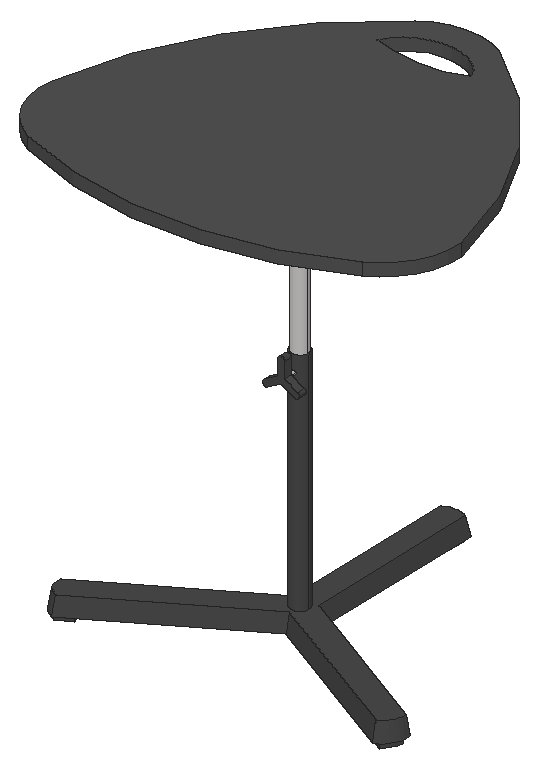
Revit family
Parameters
  Height [instance] = 720 mm
Reference planes
  plane 1 "Center (Front/Back)": y = 0
  plane 2: z = 0
  plane 3 "Center (Left/Right)": x = 0
  plane 4: z = 720
  plane 5: y = 300
  plane 6: y = -300
  plane 7: x = -300
  plane 8: x = 300
  plane 9: z = 700
  plane 10: z = 410
  plane 11: z = 40
Forms (mm)
  SweptBlend 1, solid, material "Svart plast"
    path origin (0, 0, -5) x (0, 1, 0) y (0, 0, 1)
      loop
        line (0, 15) -> (0, 45)
    profile origin (0, 0, 10) x (0, -1, 0) y (1, 0, 0)
      loop
        line (-15.494, -25.573) -> (133.75, -284.07)
        arc (133.75, -284.07) -> (159.627, -278.89) -> (177.051, -259.07) r 41.199
        line (177.051, -259.07) -> (27.481, -0.006) -> (177.966, 260.643)
        arc (177.966, 260.643) -> (160.542, 280.462) -> (134.665, 285.643) r 41.2
        line (134.665, 285.643) -> (-16.148, 24.427) -> (-315, 24.427)
        arc (-315, 24.427) -> (-323.452, -0.573) -> (-315, -25.573) r 41.2
        line (-315, -25.573) -> (-15.494, -25.573)
    end profile origin (0, 0, 40) x (0, -1, 0) y (1, 0, 0)
      loop
        line (-13.38, -20.573) -> (135.335, -278.155)
        arc (135.335, -278.155) -> (156.873, -274.121) -> (171.136, -257.485) r 33
        line (171.136, -257.485) -> (22.094, 0.664) -> (171.471, 259.393)
        arc (171.471, 259.393) -> (157.365, 275.631) -> (136.25, 279.728) r 33
        line (136.25, 279.728) -> (-14.034, 19.427) -> (-310, 19.427)
        arc (-310, 19.427) -> (-316.745, -0.573) -> (-310, -20.573) r 33.023
        line (-310, -20.573) -> (-13.38, -20.573)
  Extrusion 2, solid, material "Svart plast"
    sketch origin (0, 0, 0) x (1, 0, 0) y (0, 1, 0)
      loop
        circle (0, 0) r 15
    from 40 to 410
  Extrusion 3, solid, material "Svart plast"
    sketch origin (-723.999, -8.759, 62.281) x (0.999977, 0.006756, 0) y (0, 0, 1)
      loop
        line (729.398, 324.05) -> (729.398, 349.05)
        arc (729.398, 349.05) -> (724.066, 354.381) -> (718.735, 349.05) r 5.331
        line (718.735, 349.05) -> (718.735, 324.536) -> (697.147, 312.073)
        arc (697.147, 312.073) -> (695.196, 304.79) -> (702.479, 302.838) r 5.331
        line (702.479, 302.838) -> (723.645, 315.059) -> (745.409, 302.494)
        arc (745.409, 302.494) -> (752.691, 304.445) -> (750.74, 311.728) r 5.331
        line (750.74, 311.728) -> (729.398, 324.05)
    from 33.506 to 21.216
  Extrusion 4, solid, material "Kromat rör"
    sketch origin (0, 0, 0) x (1, 0, 0) y (0, 1, 0)
      loop
        circle (0, 0) r 12.837
    from 410 to 700
  Extrusion 5, solid, material "Svart trä"
    sketch origin (0, 0, 0) x (1, 0, 0) y (0, 1, 0)
      loop
        arc (264.256, -205.618) -> (-0.922, -271.502) -> (-268.061, -214.089) r 605.449
        arc (-268.061, -214.089) -> (-320.943, -159.642) -> (-332.283, -84.593) r 124.239
        arc (-332.283, -84.593) -> (-241.083, 143.405) -> (-72.496, 321.951) r 656.595
        arc (-72.496, 321.951) -> (-7.041, 344.587) -> (60.021, 327.309) r 120
        arc (60.021, 327.309) -> (236.814, 146.104) -> (331.91, -88.519) r 656.595
        arc (331.91, -88.519) -> (315.381, -157.051) -> (264.224, -205.556) r 124.239
      loop
        arc (-78.908, 253.275) -> (-1.408, 238.323) -> (76.092, 253.275) r 208.327
        arc (76.092, 253.275) -> (-1.408, 299.156) -> (-78.908, 253.275) r 88.396
    from 720 to 700
  Extrusion 6, solid, material "Svart plast"
    sketch origin (0, 0, 0) x (1, 0, 0) y (0, 1, 0)
      loop
        line (-15.573, 313.124) -> (-15.573, 285.821) -> (14.427, 285.821) -> (14.427, 313.124)
        arc (14.427, 313.124) -> (-0.573, 315.952) -> (-15.573, 313.124) r 41.2
      loop
        line (280.02, -142.012) -> (256.607, -128.494) -> (240.937, -155.635) -> (264.35, -169.153)
        arc (264.35, -169.153) -> (274.866, -157.13) -> (280.02, -142.012) r 41.2
      loop
        line (-262.995, -168.72) -> (-239.583, -155.202) -> (-255.253, -128.061) -> (-278.665, -141.579)
        arc (-278.665, -141.579) -> (-273.512, -156.697) -> (-262.995, -168.72) r 41.2
    from 0 to 10
  Extrusion 7, solid, material "Kromat rör"
    sketch origin (0, 0, 0) x (1, 0, 0) y (0, 0, 1)
      loop
        circle (0, 383.467) r 4.222
    from 13.453 to 25.119
Dimensions and locks
  plane 5 to plane 6 = 600 mm
  plane 7 to plane 8 = 600 mm
  locked: Extrusion 5 to Extrusion 5 at 20
  locked: plane 11 to level at 40
  locked: plane 10 to plane 11 at 370
  "Height": plane 4 to level
  aligned and locked: Extrusion 2 to SweptBlend 1
  aligned and locked: Extrusion 2 to Extrusion 4
  aligned and locked: plane 10 to Extrusion 2
  aligned and locked: Extrusion 2 to plane 11
  aligned and locked: plane 11 to SweptBlend 1
  aligned and locked: Extrusion 4 to plane 10
  aligned and locked: plane 4 to Extrusion 5
  aligned and locked: Extrusion 4 to Extrusion 5
  aligned: Extrusion 7 to Extrusion 3
Automatic sketch dimensions
  plane 5 to SweptBlend 1 sketch curve = 15 mm  (x2)
  SweptBlend 1 sketch curve to plane 3 "Center (Left/Right)" = 0.573 mm
  SweptBlend 1 sketch curve to plane 5 = 17.748 mm
  profile plane to SweptBlend 1 sketch curve = 16.148 mm
  profile plane to SweptBlend 1 sketch curve = 15.494 mm
  SweptBlend 1 sketch curve to plane 3 "Center (Left/Right)" = 0.006 mm
  SweptBlend 1 sketch curve to profile plane = 27.481 mm
  plane 7 to SweptBlend 1 sketch curve = 15.93 mm
  SweptBlend 1 sketch curve to profile plane = 133.75 mm
  plane 8 to SweptBlend 1 sketch curve = 14.357 mm
  SweptBlend 1 sketch curve to profile plane = 134.665 mm
  SweptBlend 1 sketch curve to SweptBlend 1 sketch curve = 5.277 mm  (x2)
  plane 7 to SweptBlend 1 sketch curve = 40.93 mm
  SweptBlend 1 sketch curve to SweptBlend 1 sketch curve = 38.024 mm
  plane 8 to SweptBlend 1 sketch curve = 39.357 mm
  SweptBlend 1 sketch curve to SweptBlend 1 sketch curve = 38.025 mm
  SweptBlend 1 sketch curve to plane 3 "Center (Left/Right)" = 25.573 mm
  SweptBlend 1 sketch curve to plane 3 "Center (Left/Right)" = 20.573 mm
  profile plane to SweptBlend 1 sketch curve = 310 mm
  plane 3 "Center (Left/Right)" to SweptBlend 1 sketch curve = 19.427 mm
  SweptBlend 1 sketch curve to SweptBlend 1 sketch curve = 0 mm
  SweptBlend 1 sketch curve to SweptBlend 1 sketch curve = 26.278 mm
  profile plane to SweptBlend 1 sketch curve = 14.034 mm
  profile plane to SweptBlend 1 sketch curve = 13.38 mm
  plane 3 "Center (Left/Right)" to SweptBlend 1 sketch curve = 0.664 mm
  SweptBlend 1 sketch curve to profile plane = 22.094 mm
  SweptBlend 1 sketch curve to profile plane = 135.335 mm
  SweptBlend 1 sketch curve to profile plane = 136.25 mm
  SweptBlend 1 sketch curve to SweptBlend 1 sketch curve = 5.038 mm
  SweptBlend 1 sketch curve to SweptBlend 1 sketch curve = 4.615 mm
  SweptBlend 1 sketch curve to SweptBlend 1 sketch curve = 30.763 mm
  SweptBlend 1 sketch curve to SweptBlend 1 sketch curve = 30.606 mm
  SweptBlend 1 sketch curve to plane 3 "Center (Left/Right)" = 245.542 mm
  SweptBlend 1 sketch curve to SweptBlend 1 sketch curve = 11.943 mm
  plane 3 "Center (Left/Right)" to SweptBlend 1 sketch curve = 247.052 mm
  SweptBlend 1 sketch curve to SweptBlend 1 sketch curve = 12.341 mm
  Extrusion 2 sketch curve to plane 1 "Center (Front/Back)" = 0 mm
  Extrusion 2 sketch curve to plane 3 "Center (Left/Right)" = 0 mm
  Extrusion 4 sketch curve to plane 1 "Center (Front/Back)" = 0 mm
  Extrusion 4 sketch curve to plane 3 "Center (Left/Right)" = 0 mm
  plane 1 "Center (Front/Back)" to Extrusion 5 sketch curve = 84.593 mm
  Extrusion 5 sketch curve to plane 3 "Center (Left/Right)" = 332.283 mm
  Extrusion 5 sketch curve to Extrusion 5 sketch curve = 19.547 mm
  Extrusion 5 sketch curve to Extrusion 5 sketch curve = 44.674 mm
  Extrusion 5 sketch curve to Extrusion 5 sketch curve = 58.422 mm
  Extrusion 5 sketch curve to plane 3 "Center (Left/Right)" = 78.908 mm
  Extrusion 5 sketch curve to Extrusion 5 sketch curve = 6.413 mm
  Extrusion 5 sketch curve to Extrusion 5 sketch curve = 0.014 mm
  Extrusion 5 sketch curve to plane 3 "Center (Left/Right)" = 10.555 mm
  Extrusion 5 sketch curve to plane 3 "Center (Left/Right)" = 2.175 mm
  Extrusion 5 sketch curve to plane 3 "Center (Left/Right)" = 1.408 mm  (x2)
  plane 3 "Center (Left/Right)" to Extrusion 5 sketch curve = 60.021 mm
  plane 3 "Center (Left/Right)" to Extrusion 5 sketch curve = 207.833 mm
  Extrusion 5 sketch curve to Extrusion 5 sketch curve = 56.392 mm
  Extrusion 5 sketch curve to Extrusion 5 sketch curve = 0.032 mm
  Extrusion 5 sketch curve to Extrusion 5 sketch curve = 47.941 mm
  Extrusion 5 sketch curve to Extrusion 5 sketch curve = 19.714 mm
  plane 1 "Center (Front/Back)" to Extrusion 5 sketch curve = 88.519 mm
  plane 1 "Center (Front/Back)" to Extrusion 5 sketch curve = 94.852 mm
  plane 1 "Center (Front/Back)" to Extrusion 5 sketch curve = 104.443 mm
  Extrusion 5 sketch curve to Extrusion 5 sketch curve = 0.063 mm
  Extrusion 5 sketch curve to Extrusion 5 sketch curve = 4.529 mm
  Extrusion 5 sketch curve to Extrusion 5 sketch curve = 0.87 mm
  Extrusion 5 sketch curve to Extrusion 5 sketch curve = 123.11 mm
  Extrusion 5 sketch curve to Extrusion 5 sketch curve = 13.926 mm
  Extrusion 5 sketch curve to Extrusion 5 sketch curve = 68.657 mm
  Extrusion 5 sketch curve to Extrusion 5 sketch curve = 112.781 mm
  plane 1 "Center (Front/Back)" to Extrusion 6 sketch curve = 141.579 mm
  Extrusion 6 sketch curve to plane 3 "Center (Left/Right)" = 278.665 mm
  plane 1 "Center (Front/Back)" to Extrusion 6 sketch curve = 168.72 mm
  Extrusion 6 sketch curve to Extrusion 6 sketch curve = 15.67 mm
  Extrusion 6 sketch curve to Extrusion 6 sketch curve = 23.413 mm  (x3)
  Extrusion 6 sketch curve to Extrusion 6 sketch curve = 17.421 mm  (x2)
  plane 1 "Center (Front/Back)" to Extrusion 6 sketch curve = 155.202 mm
  Extrusion 6 sketch curve to plane 3 "Center (Left/Right)" = 15.573 mm
  Extrusion 6 sketch curve to plane 3 "Center (Left/Right)" = 0.573 mm
  plane 3 "Center (Left/Right)" to Extrusion 6 sketch curve = 14.427 mm
  plane 3 "Center (Left/Right)" to Extrusion 6 sketch curve = 240.937 mm
  Extrusion 6 sketch curve to Extrusion 6 sketch curve = 1.751 mm
  plane 1 "Center (Front/Back)" to Extrusion 6 sketch curve = 128.494 mm
  Extrusion 6 sketch curve to Extrusion 6 sketch curve = 40.658 mm
  Extrusion 6 sketch curve to plane 1 "Center (Front/Back)" = 274.752 mm
  Extrusion 6 sketch curve to Extrusion 6 sketch curve = 11.069 mm
  Extrusion 6 sketch curve to Extrusion 6 sketch curve = 27.303 mm
  SweptBlend 1 sketch curve to plane 1 "Center (Front/Back)" = 0 mm
  level to SweptBlend 1 sketch curve = 10 mm
  Extrusion 3 sketch curve to plane 10 = 35.646 mm
  Extrusion 3 sketch curve to Extrusion 3 sketch curve = 2.666 mm  (x4)
  plane 10 to Extrusion 3 sketch curve = 1.331 mm
  Extrusion 3 sketch curve to Extrusion 3 sketch curve = 21.588 mm
  Extrusion 3 sketch curve to plane 10 = 32.66 mm
  Extrusion 3 sketch curve to Extrusion 3 sketch curve = 4.91 mm
  Extrusion 3 sketch curve to Extrusion 3 sketch curve = 5.331 mm
  Extrusion 3 sketch curve to plane 10 = 45.226 mm
  Extrusion 3 sketch curve to Extrusion 3 sketch curve = 21.764 mm
  Extrusion 3 sketch curve to Extrusion 3 sketch curve = 9.234 mm
  Extrusion 3 sketch curve to Extrusion 3 sketch curve = 4.617 mm
  Extrusion 3 sketch curve to Extrusion 3 sketch curve = 8.991 mm
  Extrusion 3 sketch curve to Extrusion 3 sketch curve = 0.487 mm
  Extrusion 7 sketch curve to plane 3 "Center (Left/Right)" = 0 mm
  Extrusion 7 sketch curve to plane 10 = 26.533 mm
  radius of Extrusion 2 sketch curve = 15 mm
  radius of Extrusion 4 sketch curve = 12.837 mm
  radius of Extrusion 7 sketch curve = 4.222 mm
